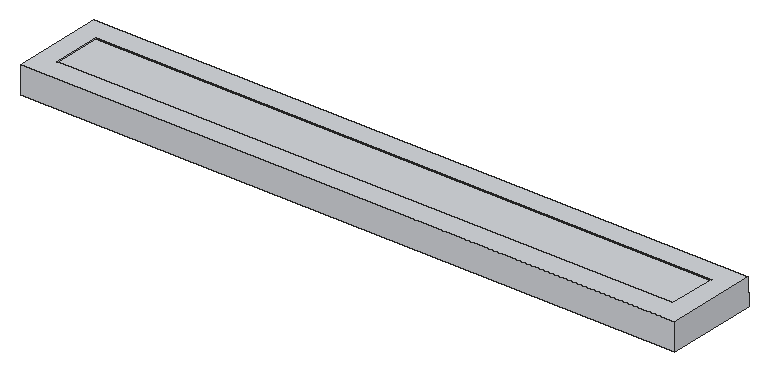
Revit family "EURS_63_LF_FB_CoreLine Surface Mounted SM136V 20x150", category Lighting Fixtures, host Face, Revit 2018
Family settings
  Host = Face
  Round Connector Dimension = Use Diameter
  Part Type = Normal
  Cut with Voids When Loaded = No
  Light Source = No
  Shared = Yes
  Room Calculation Point = No
Parameters (values of type "Type catalog")
  Width 01 = 105 mm
  Width = 200 mm
  Voltage (V) = 230 V
  Visibility 2D symbol [instance] = yes
  Visibility 2D outline rectangle [instance] = not(Visibility 2D symbol)  # no
  URL = "http://www.lighting.philips.com/main/home"
  Type Comments = "Face Based"
  Thickness 01 = 30 mm
  Product catalog - URL = "MODEL WEBPAGE"
  Order code = "ORDER CODE"
  Model = "SM136V 20x150"
  Manufacturer = "Philips"
  Light source = 2 mm
  Light loss factor = ""
  Length 01 = Length - 85 mm  # 1345 mm
  Length = 1430 mm
  Last IES update = "DATE"
  Lamp = "LAMP TYPE"
  Initial luminous flux (lm) = ""
  Init. Corr. Color Temperature (K) = ""
  Height 01 = 10 mm
  Height = 59 mm
  Fixture code = "FIXTURE CODE"
  ETIM code URL = "https://prod.etim-international.com/Class/Details?classId=EC002892&classVersion=2"
  ETIM code = "EC002892"
  EOC = "EOC CODE"
  Description = "CoreLine"
  Default Elevation = 0 mm
  Content version = "1.0"
  Content modified date = "DATE"
  Content creation date = "14-11-2020"
  Content Creator = "https://www.cadac.com/bimcontent"
  BIM Library - URL = "http://www.lighting.philips.com/main/support/support/revit-library#page=1"
  Armatuurcode [instance] = ""
  Apparent Load = 0 VA
  12NC = "12NC CODE"
Reference planes
  plane 1 "Center (Front/Back)": y = 0
  plane 2: z = 0
  plane 3 "Center (Left/Right)": x = 0
  plane 4: x = -715
  plane 5: y = -100
  plane 6: y = 100
  plane 7: x = 715
  plane 8: z = 59
  plane 9 "Light emitting surface": z = 61
  plane 10 "bovenkant lamp": z = -10
  plane 11 "Lamp links": x = -672.5
  plane 12 "Lanmp Rechts": x = 672.5
  plane 13 "Lamp Onder": y = -52.5
  plane 14 "Lamp boven": y = 52.5
  plane 15: z = 57
  plane 16 "Center L/S": x = -642.5
  plane 17 "Center L/T": x = 642.5
Forms (mm)
  Extrusion 1, solid
    sketch origin (0, 0, 0) x (1, 0, 0) y (0, 0, 1)
      loop
        line (715, 0) -> (715, 59) -> (-715, 59) -> (-715, 0) -> (715, 0)
    from -100 to 100
  Extrusion 2, void
    sketch origin (0, 0, 0) x (1, 0, 0) y (0, 1, 0)
      loop
        line (-672.5, -52.5) -> (672.5, -52.5) -> (672.5, 52.5) -> (-672.5, 52.5) -> (-672.5, -52.5)
    from 57 to 59
  Extrusion 3, solid
    sketch origin (0, 0, 0) x (1, 0, 0) y (0, 0, 1)
      loop
        line (-672.5, 0) -> (-672.5, -10) -> (-642.5, -10) -> (-642.5, 0) -> (-672.5, 0)
    from -52.5 to 52.5
  Extrusion 4, solid
    sketch origin (0, 0, 0) x (1, 0, 0) y (0, 0, 1)
      loop
        line (642.5, 0) -> (642.5, -10) -> (672.5, -10) -> (672.5, 0) -> (642.5, 0)
    from -52.5 to 52.5
Cuts and joins
  Extrusion 2 cuts Extrusion 1
Dimensions and locks
  equal spacing: host sketch curve, plane 1 "Center (Front/Back)", host sketch curve
  equal spacing: host sketch curve, plane 3 "Center (Left/Right)", host sketch curve
  "Length": plane 4 to plane 7
  equal spacing: plane 4, plane 3 "Center (Left/Right)", plane 7
  equal spacing: plane 5, plane 1 "Center (Front/Back)", plane 6
  "Width": plane 5 to plane 6
  "Height": plane 8 to plane 2
  "Light source": plane 9 "Light emitting surface" to plane 8
  equal spacing: plane 11 "Lamp links", plane 3 "Center (Left/Right)", plane 12 "Lanmp Rechts"
  "Length 01": plane 11 "Lamp links" to plane 12 "Lanmp Rechts"
  "Width 01": plane 14 "Lamp boven" to plane 13 "Lamp Onder"
  equal spacing: plane 14 "Lamp boven", plane 1 "Center (Front/Back)", plane 13 "Lamp Onder"
  "Light source": plane 8 to plane 15
  "Thickness 01": plane 16 "Center L/S" to plane 11 "Lamp links"
  "Thickness 01": plane 17 "Center L/T" to plane 12 "Lanmp Rechts"
  aligned and locked: plane 2 to host face
  aligned and locked: level to host face
  aligned and locked: plane 7 to nested 1
  aligned and locked: plane 6 to nested 1
  aligned and locked: nested 1 to plane 5
  aligned and locked: nested 1 to plane 4
  aligned and locked: Extrusion 1 to plane 6
  aligned and locked: Extrusion 1 to plane 5
  aligned and locked: Extrusion 2 to plane 15
  aligned and locked: plane 8 to Extrusion 2
  aligned and locked: plane 14 "Lamp boven" to Extrusion 4
  aligned and locked: Extrusion 4 to plane 13 "Lamp Onder"
  aligned and locked: Extrusion 3 to plane 13 "Lamp Onder"
  aligned and locked: plane 14 "Lamp boven" to Extrusion 3
  aligned and locked: plane 8 to cut or joined group of Extrusion 1, Extrusion 2
  aligned and locked: Extrusion 3 to plane 10 "bovenkant lamp"
  aligned and locked: Extrusion 4 to plane 10 "bovenkant lamp"
Automatic sketch dimensions
  Extrusion 1 sketch curve to plane 4 = 0 mm
  plane 7 to Extrusion 1 sketch curve = 0 mm
  Extrusion 1 sketch curve to level = 0 mm
  Extrusion 1 sketch curve to Extrusion 1 sketch curve = 59 mm
  Extrusion 2 sketch curve to plane 11 "Lamp links" = 0 mm
  Extrusion 2 sketch curve to plane 12 "Lanmp Rechts" = 0 mm
  Extrusion 2 sketch curve to plane 13 "Lamp Onder" = 0 mm
  Extrusion 2 sketch curve to plane 14 "Lamp boven" = 0 mm
  Extrusion 3 sketch curve to plane 10 "bovenkant lamp" = 0 mm
  Extrusion 3 sketch curve to plane 11 "Lamp links" = 0 mm
  Extrusion 3 sketch curve to plane 16 "Center L/S" = 0 mm
  Extrusion 3 sketch curve to level = 0 mm
  Extrusion 4 sketch curve to plane 10 "bovenkant lamp" = 0 mm
  plane 17 "Center L/T" to Extrusion 4 sketch curve = 0 mm
  plane 12 "Lanmp Rechts" to Extrusion 4 sketch curve = 0 mm
  Extrusion 4 sketch curve to level = 0 mm
Nested families
  nested 1: "2D-PL-Rechthoekig" at (0, 0, 0), Width <- "Width", lengte <- "Length", visible <- "Visibility 2D outline rectangle", type "2D symbool"
    with lengte 1430 mm, Width 200 mm
  nested 2: "PL-TL armatuur plafond rechthoekig" at (0, 0, 0), visible <- "Visibility 2D symbol", l1 <- "Length", type "armatuur tl"
    with lengte 1200 mm, l1 1430 mm
Connectors
  electrical at (0, 0, 0), driven by "Apparent Load", driven by "Voltage (V)"
    settings: on host face, index 1, voltage 230 V, apparent load 0 VA, apparent load phase1 0 VA, apparent load phase2 0 VA, apparent load phase3 0 VA, power factor 1, load classification "Other", number of poles 1, system type 31, power factor state 1, is connector primary yes, connector utility no, sub classification motor no, connector description ""
Definition of nested family "2D-PL-Rechthoekig"
  Parameters (values of type "2D symbool")
    lengte [instance] = 1200 mm
    Width [instance] = 100 mm
    Type Comments = "GEEN CALCULATIEOBJECT"
    Manufacturer = ""
    Description = "Armatuur 2D symbool"
    Copyright © Cadac = "www.cadac.com/aec"
    Cadac content versie = ""
    Assembly Code = ""
  Reference planes
    plane 1 "Center (Front/Back)": y = 0
    plane 2: z = 0
    plane 3 "Center (Left/Right)": x = 0
    plane 4: y = 150
    plane 5: y = -150
    plane 6: y = 176.777
    plane 7: x = -176.777
    plane 8: x = 176.777
    plane 9: y = -176.777
    plane 10 "Cadac Group AEC": y = 0
    plane 11: y = 400
    plane 12: y = -191.421
    plane 13: y = -206.066
    plane 14: y = -220.711
    plane 15: y = -235.355
  Lines and regions (mm)
    symbolic lines
      curve 1: line (600, 50, 0) -> (600, -50, 0)
      curve 2: line (-600, 50, 0) -> (-600, -50, 0)
      curve 3: line (-600, 50, 0) -> (600, 50, 0)
      curve 4: line (-600, -50, 0) -> (600, -50, 0)
  Dimensions and locks
    equal spacing: curve 2, plane 3 "Center (Left/Right)", curve 1
    "lengte": curve 2 to curve 1
    equal spacing: plane 5, plane 1 "Center (Front/Back)", plane 4
    locked: plane 4 to plane 5 at 300
    equal spacing: curve 4, plane 1 "Center (Front/Back)", curve 3
    "Width": curve 4 to curve 3
    locked: plane 7 to plane 8 at 353.553
    locked: plane 6 to plane 9 at 353.553
    equal spacing: plane 7, plane 3 "Center (Left/Right)", plane 8
    equal spacing: plane 6, plane 1 "Center (Front/Back)", plane 9
    locked: plane 1 "Center (Front/Back)" to plane 11 at 400
    equal spacing: plane 9, plane 12, plane 13, plane 14, plane 15
    locked: plane 9 to plane 15 at 58.579
    aligned and locked: plane 10 "Cadac Group AEC" to plane 1 "Center (Front/Back)"
Definition of nested family "PL-TL armatuur plafond rechthoekig"
  Parameters (values of type "armatuur tl_generiek")
    radius cirkel = 75 mm
    lengte [instance] = 1200 mm
    l1 [instance] = 1200 mm
    b2 = b1 * 2  # 100 mm
    b1 = 50 mm
    Type Comments = "GEEN CALCULATIEOBJECT"  # constant formula
    Manufacturer = ""
    Length lines in cirkel = (radius cirkel * 2) - 70 mm  # 80 mm
    Description = "Armatuur TL"
    Copyright © Cadac = "www.cadac.com/aec"
    Cadac content versie = "3.2"  # constant formula
    Assembly Code = ""
  Types (2, lengths in mm): name | radius cirkel | b2 | b1 | Length lines in cirkel
    armatuur tl_generiek | 75 | 100 | 50 | 80
    armatuur tl | 125 | 200 | 100 | 180
  Reference planes
    plane 1 "Center (Front/Back)": y = 0
    plane 2: z = 0
    plane 3 "Center (Left/Right)": x = 0
    plane 4: y = 50
    plane 5: y = -50
    plane 6: y = 176.777
    plane 7: x = -40
    plane 8: x = 40
    plane 9: y = -176.777
    plane 10 "Cadac Group AEC": y = 0
    plane 11: y = 400
    plane 12: y = -191.421
    plane 13: y = -206.066
    plane 14: y = -220.711
    plane 15: y = -235.355
  Lines and regions (mm)
    symbolic lines
      curve 1: circle (0, 0, 0) r 75 normal (0, 0, 1)
      curve 2: line (600, 50, 0) -> (600, -50, 0)
      curve 3: line (600, -8.333, 0) -> (74.536, -8.333, 0)
      curve 4: line (600, 8.333, 0) -> (74.536, 8.333, 0)
      curve 5: line (600, 25, 0) -> (70.711, 25, 0)
      curve 6: line (600, -25, 0) -> (70.711, -25, 0)
      curve 7: line (-600, 50, 0) -> (-600, -50, 0)
      curve 8: line (-600, -8.333, 0) -> (-74.536, -8.333, 0)
      curve 9: line (-600, 8.333, 0) -> (-74.536, 8.333, 0)
      curve 10: line (-600, 25, 0) -> (-70.711, 25, 0)
      curve 11: line (-600, -25, 0) -> (-70.711, -25, 0)
      curve 12: line (-40, 63.443, 0) -> (40, -63.443, 0)
      curve 13: line (-40, -63.443, 0) -> (40, 63.443, 0)
  Dimensions and locks
    equal spacing: curve 7, plane 3 "Center (Left/Right)", curve 2
    "l1": curve 7 to curve 2
    equal spacing: plane 5, plane 1 "Center (Front/Back)", plane 4
    equal spacing: curve 5, curve 4, curve 3, curve 6
    equal spacing: curve 5, plane 1 "Center (Front/Back)", curve 6
    "b1": curve 5 to curve 6
    equal spacing: curve 11, curve 8, curve 9, curve 10
    equal spacing: curve 11, plane 1 "Center (Front/Back)", curve 10
    "b1": curve 11 to curve 10
    "Length lines in cirkel": plane 7 to plane 8
    locked: plane 6 to plane 9 at 353.553
    equal spacing: plane 7, plane 3 "Center (Left/Right)", plane 8
    equal spacing: plane 6, plane 1 "Center (Front/Back)", plane 9
    locked: plane 1 "Center (Front/Back)" to plane 11 at 400
    equal spacing: plane 9, plane 12, plane 13, plane 14, plane 15
    locked: plane 9 to plane 15 at 58.579
    "b2": plane 5 to plane 4
    "radius cirkel": radius of curve 1
    aligned and locked: plane 4 to curve 7
    aligned and locked: plane 4 to curve 2
    aligned and locked: plane 5 to curve 2
    aligned and locked: plane 5 to curve 7
    aligned and locked: plane 10 "Cadac Group AEC" to plane 1 "Center (Front/Back)"
    aligned and locked: plane 7 to curve 12
    aligned and locked: plane 7 to curve 13
    aligned and locked: plane 8 to curve 13
    aligned and locked: plane 8 to curve 12
  Automatic sketch dimensions
    plane 1 "Center (Front/Back)" to curve 1 = 0 mm
    curve 1 to plane 3 "Center (Left/Right)" = 0 mm
